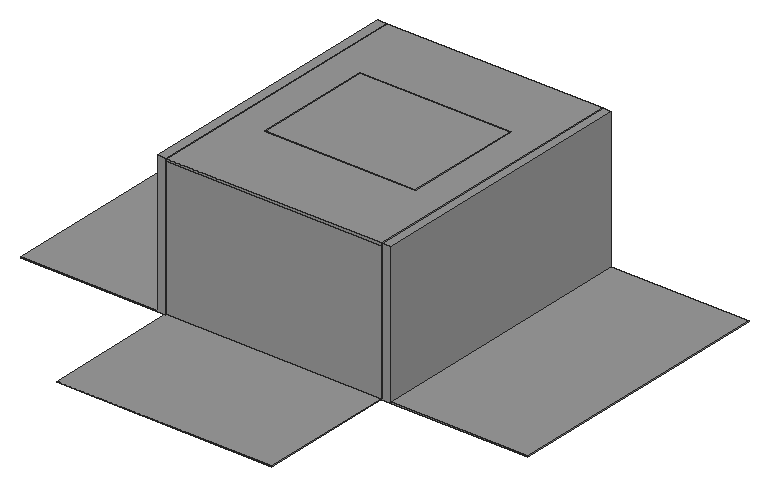
Revit family "OKA-G Anbaueinheit für GES6, Höhe 40-240mm", category Generic Models, Revit 2015
Parameters (values of type "OKA-G A 402406")
  Width = 400 mm
  URL = "http://www.obo-bettermann.com"
  Material = Steel, Galvanized
  Manufacturer Art. No. = "7424004"
  Manufacturer = "OBO Bettermann"
  Length = 473 mm
  HeightCalc [instance] = if(Height < 40 mm, 40 mm, (if(Height > 240 mm, 240 mm, Height)))  # 240 mm
  Height [instance] = 500 mm
  GTIN = "4012195242949"
  Article Type = "OKA-G40040140"
Reference planes
  plane 1 "Center (Front/Back)": y = 0
  plane 2: z = 0
  plane 3 "Center (Left/Right)": x = 0
  plane 4: z = 240
  plane 5: y = -473
  plane 6: x = 200
  plane 7: x = -200
Forms (mm)
  Extrusion 1, solid, material "Aluminum 6061"
    sketch origin (0, 0, 0) x (1, 0, 0) y (0, 0, 1)
      loop
        line (185, 240) -> (185, 0) -> (435, 0) -> (435, 1) -> (200, 1) -> (200, 240) -> (185, 240)
      loop
        line (-200, 1) -> (-435, 1) -> (-435, 0) -> (-185, 0) -> (-185, 240) -> (-200, 240) -> (-200, 1)
    from 0 to 473
  Extrusion 2, solid, material "Steel, Galvanized" <- "Material"
    sketch origin (0, 0, 0) x (1, 0, 0) y (0, 0, 1)
      loop
        line (185, 236) -> (185, 240) -> (-185, 240) -> (-185, 236) -> (185, 236)
    from 0 to 473
  Extrusion 3, solid, material "Aluminum 6061"
    sketch origin (0, 0, 0) x (0, 1, 0) y (0, 0, 1)
      loop
        line (-473, 236) -> (-473, 1) -> (-708, 1) -> (-708, 0) -> (-458, 0) -> (-458, 236) -> (-473, 236)
    from -185 to 185
  Extrusion 4, void
    sketch origin (0, 0, 0) x (1, 0, 0) y (0, 1, 0)
      loop
        line (-129.1, -127.5) -> (-129.1, -331.5) -> (129.1, -331.5) -> (129.1, -127.5) -> (-129.1, -127.5)
    from 0 to 250
  Extrusion 5, solid, material "Steel, Galvanized"
    sketch origin (0, 0, 0) x (1, 0, 0) y (0, 1, 0)
      loop
        line (-129.1, -127.5) -> (-129.1, -331.5) -> (129.1, -331.5) -> (129.1, -127.5) -> (-129.1, -127.5)
    from 236 to 240
Cuts and joins
  Extrusion 4 cuts Extrusion 2
Lines and regions (mm)
  model lines
    curve 1: line (-200, 0, 240) -> (-185, 0, 240)
    curve 2: line (-185, 0, 240) -> (-185, 0, 0)
    curve 3: line (-185, 0, 0) -> (-435, 0, 0)
    curve 4: line (-435, 0, 0) -> (-435, 0, 1)
    curve 5: line (-435, 0, 1) -> (-200, 0, 1)
    curve 6: line (-200, 0, 1) -> (-200, 0, 240)
    curve 7: line (185, 0, 240) -> (185, 0, 0)
    curve 8: line (185, 0, 0) -> (435, 0, 0)
    curve 9: line (435, 0, 0) -> (435, 0, 1)
    curve 10: line (435, 0, 1) -> (200, 0, 1)
    curve 11: line (200, 0, 1) -> (200, 0, 240)
    curve 12: line (200, 0, 240) -> (185, 0, 240)
    curve 13: line (185, 0, 240) -> (185, 0, 0)
    curve 14: line (-185, 0, 0) -> (-185, 0, 240)
    curve 15: line (-185, 0, 240) -> (185, 0, 240)
    curve 16: line (-185, 0, 236) -> (185, 0, 236)
Dimensions and locks
  locked: curve 5 to curve 3 at 1
  locked: curve 2 to curve 6 at 15
  locked: curve 10 to curve 8 at 1
  locked: curve 2 to curve 4 at 250
  locked: curve 9 to curve 7 at 250
  locked: curve 11 to curve 7 at 15
  "Length": plane 1 "Center (Front/Back)" to plane 5
  equal spacing: plane 7, plane 3 "Center (Left/Right)", plane 6
  "Width": plane 7 to plane 6
  "HeightCalc": level to plane 4
  locked: curve 16 to curve 15 at 4
  Extrusion 3 sketch curve to Extrusion 1 = 15 mm
  locked: Extrusion 3 sketch curve to Extrusion 3 sketch curve at 250
  locked: Extrusion 3 sketch curve to Extrusion 3 sketch curve at 1
  locked: Extrusion 4 sketch curve to Extrusion 4 sketch curve at 258.2
  equal spacing: Extrusion 4 sketch curve, plane 3 "Center (Left/Right)", Extrusion 4 sketch curve, locked at 129.1 each
  locked: Extrusion 4 sketch curve to Extrusion 4 sketch curve at 204
  locked: Extrusion 4 sketch curve to cut or joined group of Extrusion 2, Extrusion 4 at 127.5
  aligned and locked: level to plane 2
  aligned and locked: level to curve 3
  aligned and locked: curve 6 to plane 7
  aligned and locked: curve 11 to plane 6
  aligned and locked: plane 4 to curve 1
  aligned and locked: curve 8 to level
  aligned and locked: Extrusion 1 sketch curve to curve 13
  aligned and locked: Extrusion 1 sketch curve to curve 12
  aligned and locked: Extrusion 1 sketch curve to curve 11
  aligned and locked: Extrusion 1 sketch curve to curve 10
  aligned and locked: Extrusion 1 sketch curve to curve 9
  aligned and locked: Extrusion 1 sketch curve to curve 8
  aligned and locked: Extrusion 1 sketch curve to curve 6
  aligned and locked: Extrusion 1 sketch curve to curve 14
  aligned and locked: Extrusion 1 sketch curve to curve 1
  aligned and locked: Extrusion 1 sketch curve to curve 5
  aligned and locked: Extrusion 1 sketch curve to curve 3
  aligned and locked: Extrusion 1 sketch curve to curve 4
  aligned and locked: Extrusion 1 to plane 5
  aligned and locked: Extrusion 2 sketch curve to curve 16
  aligned and locked: Extrusion 2 sketch curve to curve 15
  aligned and locked: Extrusion 2 sketch curve to curve 2
  aligned and locked: Extrusion 2 sketch curve to curve 7
  aligned and locked: Extrusion 2 to plane 5
  aligned and locked: level to Extrusion 3 sketch curve
  aligned and locked: Extrusion 3 sketch curve to plane 5
  aligned and locked: Extrusion 3 to curve 1
  aligned and locked: Extrusion 3 to Extrusion 1
  aligned and locked: Extrusion 3 to Extrusion 2
  aligned and locked: Extrusion 5 sketch curve to cut or joined group of Extrusion 2, Extrusion 4  (x4)
  aligned and locked: curve 16 to Extrusion 5
  aligned and locked: Extrusion 5 to curve 1
Automatic sketch dimensions
  Extrusion 3 sketch curve to plane 4 = 4 mm
